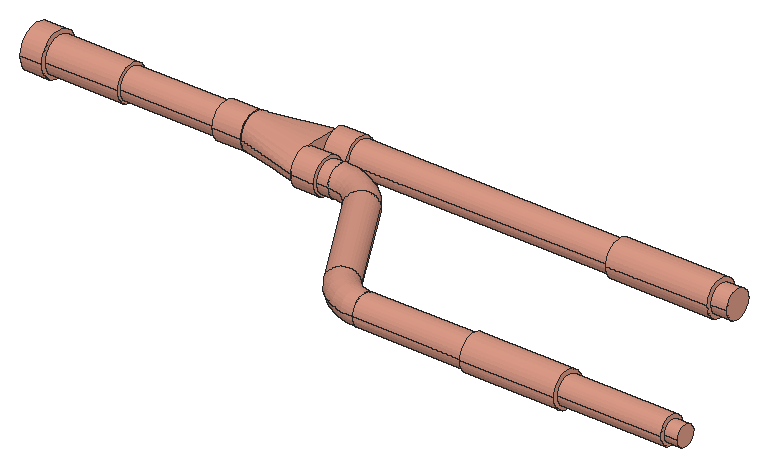
Revit family "outputfile", category 配管付属品, Revit 2024
Family settings
  丸型コネクタ寸法 = 半径を使用
  パーツ タイプ = 標準
  OmniClass 番号 = 23.65.55.00
  OmniClass タイトル = Distribution of Supplied Liquids/Gases
  作業面ベース = いいえ
  常に垂直 = はい
  ロード時にボイドで切り取り = いいえ
  共有 = いいえ
Parameters (values of type "BHRP25A72T")
  Description = ""
  製造元 = "Daikin"
  書き出し IFC クラス(タイプ) = "IfcPipeFittingType"
  定義済み IFC タイプ(タイプ) = "JUNCTION"
  Cost = 0
  Type Comments = ""
  Keynote = ""
  Type Image = (empty or 0)
  Assembly Code = ""
  mm⇔inch [instance] = yes
  l_InletPipe4 = 12.0 mm
  built-in parameter 1114242 [instance] = (empty or 0)
  Default Elevation = 0.0 mm
  モデル = "BHRP25A72T"
  table_StraightPipe [instance] = if(mm⇔inch, "Refnet Joint_BHRP25A-T_Liquid_StraightPipe", "Refnet Joint_BHRP25A-T_Liquid_StraightPipe_inch")  # "Refnet Joint_BHRP25A-T_Liquid_StraightPipe"
  table_BranchPipe [instance] = if(mm⇔inch, "Refnet Joint_BHRP25A-T_Liquid_BranchPipe", "Refnet Joint_BHRP25A-T_Liquid_BranchPipe_inch")  # "Refnet Joint_BHRP25A-T_Liquid_BranchPipe"
  table_Inlet [instance] = if(mm⇔inch, "Refnet Joint_BHRP25A-T_Liquid_Inlet", "Refnet Joint_BHRP25A-T_Liquid_Inlet_inch")  # "Refnet Joint_BHRP25A-T_Liquid_Inlet"
  switch_StraightPipe_Reducer [instance] = if(Is_StraightPipe Reducer = 1, 1 = 1, 1 = 0)  # no
  switch_StraightPipe3 [instance] = if(number_StraightPipe = 3, 1 = 1, 1 = 0)  # no
  switch_StraightPipe2 [instance] = if(number_StraightPipe < 2, 1 = 0, 1 = 1)  # yes
  switch_BranchPipe_Reducer [instance] = if(Is_BranchPipe Reducer = 1, 1 = 1, 1 = 0)  # no
  switch_BranchPipe3 [instance] = if(number_BranchPipe = 3, 1 = 1, 1 = 0)  # yes
  switch_BranchPipe2 [instance] = if(number_BranchPipe < 2, 1 = 0, 1 = 1)  # yes
  switch_Inlet pipe_Reducer [instance] = if(Is_Inlet Reducer = 1, 1 = 1, 1 = 0)  # no
  switch_Inlet pipe3 [instance] = if(number_InletPipe = 3, 1 = 1, 1 = 0)  # no
  switch_Inlet pipe2 [instance] = if(number_InletPipe < 2, 1 = 0, 1 = 1)  # yes
  Uniclass2015Version = "Products v1.31"
  Uniclass2015Title = "Copper pipe fittings"
  Uniclass2015Code = "Pr_65_52_63_18"
  URL = ""
  StraightPipe_Liquid_ActualDiameter [instance] = 9.5 mm
  Material_Piping = DAIKIN_Copper_Pipe
  Material_Insulation = DAIKIN_White_Insulation
  lw_Insulation [instance] = size_lookup(table_Inlet, "lw_Insulation", 26.0 mm, モデル)  # 52.3 mm
  Unit Type = "BHRP25A-T_Liquid"
  Tag No. [instance] = ""
  StraightPipe_Liquid_Status [instance] = size_lookup(table_StraightPipe, "Information", "The connected pipe size is not available.", モデル, StraightPipe_Liquid_ActualDiameter)  # "Default connector size is used."
  Link_Nested Family [instance] = ""
  Inlet_Liquid_Actual Diameter [instance] = 15.9 mm
  IfcVersion = ""
  IfcExportType = "JUNCTION"
  IfcExportAs = "IfcPipeFittingType"
  BranchPipe_Liquid_Status [instance] = size_lookup(table_BranchPipe, "Information", "The connected pipe size is not available.", モデル, BranchPipe_Liquid_ActualDiameter)  # "Default connector size is used."
  Inlet_Liquid_Status [instance] = size_lookup(table_Inlet, "Information", "The connected pipe size is not available.", モデル, Inlet_Liquid_Actual Diameter)  # "Default connector size is used."
  Series = "Refnet Joint"
  O.R_dividePipe_Inlet [instance] = (I.D_InletPipe1 + 2.0 mm) / 2  # 7.35 mm
  r_StraightPipe_Connector [instance] = StraightPipe_Liquid_ActualDiameter / 2  # 4.75 mm
  r_BranchPipe_Connector [instance] = BranchPipe_Liquid_ActualDiameter / 2  # 3.2 mm
  r_Inlet_Connector [instance] = Inlet_Liquid_Actual Diameter / 2  # 7.95 mm
  number_StraightPipe [instance] = size_lookup(table_StraightPipe, "pipeNumber", 2, モデル, StraightPipe_Liquid_ActualDiameter)  # 2
  number_BranchPipe [instance] = size_lookup(table_BranchPipe, "pipeNumber", 2, モデル, BranchPipe_Liquid_ActualDiameter)  # 3
  number_InletPipe [instance] = size_lookup(table_Inlet, "pipeNumber", 1, モデル, Inlet_Liquid_Actual Diameter)  # 2
  r_BranchPipeR [instance] = size_lookup(table_BranchPipe, "r_offsetPipeR", 18.0 mm, モデル, BranchPipe_Liquid_ActualDiameter)  # 20.0 mm
  l_BranchPipe_Straight2 [instance] = size_lookup(table_BranchPipe, "L_offsetPipe2", 25.5 mm, モデル)  # 46.0 mm
  l_BranchPipe_Straight1 [instance] = size_lookup(table_BranchPipe, "L_offsetPipe1", 5.0 mm, モデル)  # 5.0 mm
  l_BranchPipe connector [instance] = size_lookup(table_BranchPipe, "Length", 150.0 mm, モデル, BranchPipe_Liquid_ActualDiameter)  # 212.0 mm
  l_inlet connector [instance] = size_lookup(table_Inlet, "Length", 70.0 mm, モデル, Inlet_Liquid_Actual Diameter)  # 92.0 mm
  l_dividePipe [instance] = size_lookup(table_Inlet, "L_devidePipe", 30.0 mm, モデル)  # 28.0 mm
  l_StraightPipeReducer [instance] = size_lookup(table_StraightPipe, "L_Reducer", 80.0 mm, モデル, StraightPipe_Liquid_ActualDiameter)  # 80.0 mm
  l_StraightPipe3 [instance] = size_lookup(table_StraightPipe, "L_Pipe3", 2.0 mm, モデル)  # 2.0 mm
  l_StraightPipe2 [instance] = size_lookup(table_StraightPipe, "L_Pipe2", 6.0 mm, モデル)  # 7.0 mm
  l_StraightPipe1 [instance] = size_lookup(table_StraightPipe, "L_Pipe1", 44.0 mm, モデル)  # 43.0 mm
  l_StraightPipe0 [instance] = size_lookup(table_StraightPipe, "L_Pipe0", 130.0 mm, モデル)  # 110.0 mm
  l_StraightPipe connector [instance] = size_lookup(table_StraightPipe, "Length", 190.0 mm, モデル, StraightPipe_Liquid_ActualDiameter)  # 170.0 mm
  l_BranchPipe Reducer [instance] = size_lookup(table_BranchPipe, "L_Reducer", 50.0 mm, モデル, BranchPipe_Liquid_ActualDiameter)  # 50.0 mm
  l_BranchPipe3 [instance] = size_lookup(table_BranchPipe, "L_Pipe3", 2.0 mm, モデル)  # 6.0 mm
  l_BranchPipe2 [instance] = size_lookup(table_BranchPipe, "L_Pipe2", 6.0 mm, モデル)  # 44.0 mm
  l_BranchPipe1 [instance] = size_lookup(table_BranchPipe, "L_Pipe1", 44.0 mm, モデル)  # 40.0 mm
  l_BranchPipe0 [instance] = size_lookup(table_BranchPipe, "L_Pipe0", 90.0 mm, モデル)  # 112.0 mm
  l_InletReducer [instance] = size_lookup(table_Inlet, "L_Reducer", 80.0 mm, モデル, Inlet_Liquid_Actual Diameter)  # 80.0 mm
  l_InletPipe3 [instance] = size_lookup(table_Inlet, "L_Pipe3", 2.0 mm, モデル)  # 2.0 mm
  l_InletPipe2 [instance] = size_lookup(table_Inlet, "L_Pipe2", 2.0 mm, モデル)  # 9.0 mm
  l_InletPipe1 [instance] = size_lookup(table_Inlet, "L_Pipe1", 7.0 mm, モデル)  # 31.0 mm
  l_InletPipe0 [instance] = size_lookup(table_Inlet, "L_Pipe0", 53.0 mm, モデル)  # 40.0 mm
  center_StraightPipe [instance] = size_lookup(table_StraightPipe, "center_Pipe", 6.5 mm, モデル)  # 8.5 mm
  center_BranchPipe2 [instance] = size_lookup(table_BranchPipe, "center_OffsetPipe", 73.5 mm, モデル)  # 71.5 mm
  center_BranchPipe1 [instance] = size_lookup(table_BranchPipe, "center_Pipe", 6.5 mm, モデル)  # 8.5 mm
  StraightPipe_Liquid_AvailableDiameter [instance] = size_lookup(table_StraightPipe, "sizeVariation", "", モデル)  # "9.5/12.7/15.9mm"
  BranchPipe_Liquid_AvailableDiameter [instance] = size_lookup(table_BranchPipe, "sizeVariation", "", モデル)  # "6.4/9.5/12.7mm"
  Inlet_Liquid_Available Diameter [instance] = size_lookup(table_Inlet, "sizeVariation", "", モデル)  # "12.7/15.9/19.1mm"
  O.D_StraightPipe Reducer [instance] = size_lookup(table_StraightPipe, "O.D_reducer", 2.0 mm, モデル, StraightPipe_Liquid_ActualDiameter)  # 2.0 mm
  O.D_Offset Outlet Reducer [instance] = size_lookup(table_BranchPipe, "O.D_reducer", 2.0 mm, モデル, BranchPipe_Liquid_ActualDiameter)  # 2.0 mm
  O.D_Inlet Reducer [instance] = size_lookup(table_Inlet, "O.D_reducer", 2.0 mm, モデル, Inlet_Liquid_Actual Diameter)  # 2.0 mm
  Is_StraightPipe Reducer [instance] = size_lookup(table_StraightPipe, "IsReducer", 0, モデル, StraightPipe_Liquid_ActualDiameter)  # 0
  Is_BranchPipe Reducer [instance] = size_lookup(table_BranchPipe, "IsReducer", 0, モデル, BranchPipe_Liquid_ActualDiameter)  # 0
  Is_Inlet Reducer [instance] = size_lookup(table_Inlet, "IsReducer", 0, モデル, Inlet_Liquid_Actual Diameter)  # 0
  BranchPipe_Liquid_ActualDiameter [instance] = 6.4 mm
  Attach_Insulation [instance] = no
  I.D_StraightPipe3 [instance] = size_lookup(table_StraightPipe, "I.D_PipeSize3", 2.0 mm, モデル)  # 2.0 mm
  I.D_StraightPipe2 [instance] = size_lookup(table_StraightPipe, "I.D_PipeSize2", 6.4 mm, モデル)  # 9.5 mm
  I.D_StraightPipe1 [instance] = size_lookup(table_StraightPipe, "I.D_PipeSize1", 9.5 mm, モデル)  # 12.7 mm
  I.D_StraightPipe0 [instance] = size_lookup(table_StraightPipe, "I.D_PipeSize0", 7.5 mm, モデル)  # 10.7 mm
  I.D_BranchPipe3 [instance] = size_lookup(table_BranchPipe, "I.D_PipeSize3", 2.0 mm, モデル)  # 6.4 mm
  I.D_BranchPipe2 [instance] = size_lookup(table_BranchPipe, "I.D_PipeSize2", 6.4 mm, モデル)  # 9.5 mm
  I.D_BranchPipe1 [instance] = size_lookup(table_BranchPipe, "I.D_PipeSize1", 9.5 mm, モデル)  # 12.7 mm
  I.D_BranchPipe0 [instance] = size_lookup(table_BranchPipe, "I.D_PipeSize0", 7.5 mm, モデル)  # 10.7 mm
  I.D_Straight Reducer [instance] = size_lookup(table_StraightPipe, "I.D_reducer", 2.0 mm, モデル, StraightPipe_Liquid_ActualDiameter)  # 2.0 mm
  I.D_OutletPipe [instance] = size_lookup(table_Inlet, "I.D_OutletPipeSize", 9.6 mm, モデル, Inlet_Liquid_Actual Diameter)  # 12.8 mm
  I.D_Branch Reducer [instance] = size_lookup(table_BranchPipe, "I.D_reducer", 2.0 mm, モデル, BranchPipe_Liquid_ActualDiameter)  # 2.0 mm
  I.D_Inlet Reducer [instance] = size_lookup(table_Inlet, "I.D_reducer", 2.0 mm, モデル, Inlet_Liquid_Actual Diameter)  # 2.0 mm
  I.D_InletPipe3 [instance] = size_lookup(table_Inlet, "I.D_PipeSize3", 2.0 mm, モデル)  # 2.0 mm
  I.D_InletPipe2 [instance] = size_lookup(table_Inlet, "I.D_PipeSize2", 2.0 mm, モデル)  # 15.9 mm
  I.D_InletPipe1 [instance] = size_lookup(table_Inlet, "I.D_PipeSize1", 9.5 mm, モデル)  # 12.7 mm
  I.D_InletPipe0 [instance] = size_lookup(table_Inlet, "I.D_PipeSize0", 7.5 mm, モデル)  # 10.7 mm
Reference planes
  plane 1 "Center (Front/Back)": y = 0
  plane 2: z = 0
  plane 3 "base_left": x = 0
  plane 4: x = 2
  plane 5: x = 11
  plane 6: x = 42
  plane 7: x = 82
  plane 8: x = 94
  plane 9: x = 122
  plane 10: x = 132
  plane 11 "center_straight outlet": y = 8.5
  plane 12 "center2_offset outlet": y = -71.5
  plane 13 "center1_offset outlet": y = -8.5
  plane 14: x = 242
  plane 15: x = 285
  plane 16: x = 292
  plane 17: x = 244
  plane 18: x = 284
  plane 19: x = 328
  plane 20: x = 294
  plane 21: x = 334
  plane 22 "Reducer_straightoutlet": x = 334
  plane 23: x = 292
  plane 24: y = -15.85
  plane 25: z = 7.35
  plane 26 "Inlet_connector": x = 2
  plane 27 "Left_Insulation": x = 41.7
Forms (mm)
  SweptBlend 1, solid, material "DAIKIN_Copper_Pipe" <- "Material_Piping"
    path origin (0, 0, 0) x (1, 0, 0) y (0, 1, 0)
      loop
        line (94, 0) -> (122, 0)
    profile origin (94, 0, 0) x (0, 1, 0) y (0, 0, 1)
      loop
        circle (0, 0) r 7.35
    end profile origin (122, 0, 0) x (0, 1, 0) y (0, 0, 1)
      loop
        spline (-15.85, 0) -> (-15.31, -1.902) -> (-13.727, -3.675) -> (-11.208, -5.197) -> (-7.925, -6.365) -> (-4.102, -7.1) -> (0, -7.35) -> (4.102, -7.1) -> (7.925, -6.365) -> (11.208, -5.197) -> (13.727, -3.675) -> (15.31, -1.902) -> (15.85, 0)
        spline (15.85, 0) -> (15.31, 1.902) -> (13.727, 3.675) -> (11.208, 5.197) -> (7.925, 6.365) -> (4.102, 7.1) -> (0, 7.35) -> (-4.102, 7.1) -> (-7.925, 6.365) -> (-11.208, 5.197) -> (-13.727, 3.675) -> (-15.31, 1.902) -> (-15.85, 0)
Dimensions and locks
  "l_InletPipe3": plane 3 "base_left" to plane 4
  "l_InletPipe2": plane 4 to plane 5
  "l_InletPipe1": plane 5 to plane 6
  "l_InletPipe0": plane 6 to plane 7
  "l_InletPipe4": plane 7 to plane 8
  "center_StraightPipe": plane 1 "Center (Front/Back)" to plane 11 "center_straight outlet"
  "center_BranchPipe2": plane 12 "center2_offset outlet" to plane 1 "Center (Front/Back)"
  "center_BranchPipe1": plane 13 "center1_offset outlet" to plane 1 "Center (Front/Back)"
  "l_dividePipe": plane 8 to plane 9
  plane 9 to plane 10 = 10.0 mm
  "l_StraightPipe0": plane 10 to plane 14
  "l_BranchPipe0": plane 10 to plane 17
  "l_BranchPipe1": plane 17 to plane 18
  "l_BranchPipe2": plane 18 to plane 19
  "l_StraightPipe1": plane 14 to plane 15
  "l_StraightPipe2": plane 15 to plane 16
  "l_StraightPipe3": plane 16 to plane 20
  "l_BranchPipe3": plane 19 to plane 21
  "l_BranchPipe connector": plane 9 to plane 22 "Reducer_straightoutlet"
  "l_StraightPipe connector": plane 9 to plane 23
  "O.R_dividePipe_Inlet": plane 24 to plane 13 "center1_offset outlet"
  "O.R_dividePipe_Inlet": plane 25 to plane 2
  "l_inlet connector": plane 26 "Inlet_connector" to plane 8
  "lw_Insulation": plane 27 "Left_Insulation" to plane 8
  "O.R_dividePipe_Inlet": radius of SweptBlend 1 sketch curve
  aligned and locked: level to plane 2
  aligned and locked: plane 2 to nested 1
  aligned and locked: plane 3 "base_left" to nested 1
  aligned and locked: plane 1 "Center (Front/Back)" to nested 1
  aligned and locked: plane 4 to nested 2
  aligned and locked: plane 1 "Center (Front/Back)" to nested 2
  aligned and locked: plane 5 to nested 2
  aligned and locked: plane 5 to nested 3
  aligned and locked: plane 6 to nested 3
  aligned and locked: plane 6 to nested 4
  aligned and locked: nested 4 to plane 7
  aligned and locked: nested 5 to plane 7
  aligned and locked: nested 5 to plane 8
  aligned and locked: plane 8 to SweptBlend 1 sketch curve
  aligned and locked: plane 9 to SweptBlend 1 sketch curve
  aligned and locked: plane 2 to SweptBlend 1 sketch curve  (x2)
  aligned and locked: plane 1 "Center (Front/Back)" to SweptBlend 1 sketch curve  (x2)
  aligned and locked: nested 6 to plane 9
  aligned and locked: nested 7 to plane 9
  aligned and locked: nested 6 to plane 11 "center_straight outlet"
  aligned and locked: nested 7 to plane 13 "center1_offset outlet"
  aligned and locked: nested 7 to plane 10
  aligned and locked: nested 6 to plane 10
  aligned and locked: nested 8 to plane 10
  aligned and locked: plane 14 to nested 8
  aligned and locked: nested 8 to plane 11 "center_straight outlet"
  aligned and locked: plane 14 to nested 9
  aligned and locked: nested 9 to plane 11 "center_straight outlet"
  aligned and locked: plane 15 to nested 9
  aligned and locked: nested 10 to plane 11 "center_straight outlet"
  aligned and locked: plane 15 to nested 10
  aligned and locked: plane 16 to nested 10
  aligned and locked: nested 11 to plane 12 "center2_offset outlet"
  aligned and locked: plane 17 to nested 11
  aligned and locked: plane 18 to nested 11
  aligned and locked: nested 12 to plane 12 "center2_offset outlet"
  aligned and locked: plane 18 to nested 12
  aligned and locked: plane 19 to nested 12
  aligned and locked: nested 13 to plane 10
  aligned and locked: nested 13 to plane 13 "center1_offset outlet"
  aligned and locked: nested 13 to plane 12 "center2_offset outlet"
  aligned and locked: plane 8 to nested 14
  aligned and locked: plane 1 "Center (Front/Back)" to nested 14
  aligned and locked: plane 11 "center_straight outlet" to nested 15
  aligned and locked: nested 15 to plane 9
  aligned and locked: nested 16 to plane 9
  aligned and locked: plane 12 "center2_offset outlet" to nested 16
  aligned and locked: nested 17 to plane 1 "Center (Front/Back)"
  aligned and locked: plane 16 to nested 18
  aligned and locked: plane 20 to nested 18
  aligned and locked: plane 19 to nested 19
  aligned and locked: plane 21 to nested 19
  aligned and locked: nested 20 to plane 12 "center2_offset outlet"
  aligned and locked: plane 23 to nested 21
  aligned and locked: nested 21 to plane 11 "center_straight outlet"
  aligned and locked: plane 4 to nested 1
  aligned and locked: plane 24 to SweptBlend 1 sketch curve
  aligned and locked: plane 25 to SweptBlend 1 sketch curve
  aligned and locked: nested 19 to plane 12 "center2_offset outlet"
  aligned and locked: nested 18 to plane 11 "center_straight outlet"
  aligned and locked: nested 17 to plane 26 "Inlet_connector"
  aligned and locked: plane 22 "Reducer_straightoutlet" to nested 20
  aligned and locked: plane 27 "Left_Insulation" to nested 22
  aligned and locked: plane 1 "Center (Front/Back)" to nested 22
Automatic sketch dimensions
  plane 1 "Center (Front/Back)" to SweptBlend 1 sketch curve = 0.0 mm
Nested families
  nested 1: "daikin_Pipe" at (1, 0, 0), I.D_Pipe <- "I.D_InletPipe3", display <- "switch_Inlet pipe3", type "*"
    with length_Pipe 2.0 mm, display no, O.D_Pipe 4.0 mm, I.D_Pipe 2.0 mm
  nested 2: "daikin_Pipe" at (6.5, 0, 0), I.D_Pipe <- "I.D_InletPipe2", display <- "switch_Inlet pipe2", type "*"
    with length_Pipe 9.0 mm, display yes, O.D_Pipe 17.9 mm, I.D_Pipe 15.9 mm
  nested 3: "daikin_Pipe" at (26.5, 0, 0), I.D_Pipe <- "I.D_InletPipe1", type "*"
    with length_Pipe 31.0 mm, display yes, O.D_Pipe 14.7 mm, I.D_Pipe 12.7 mm
  nested 4: "daikin_Pipe" at (62, 0, 0), I.D_Pipe <- "I.D_InletPipe0", type "*"
    with length_Pipe 40.0 mm, display yes, O.D_Pipe 12.7 mm, I.D_Pipe 10.7 mm
  nested 5: "daikin_Pipe" at (88, 0, 0), I.D_Pipe <- "I.D_InletPipe1", type "*"
    with length_Pipe 12.0 mm, display yes, O.D_Pipe 14.7 mm, I.D_Pipe 12.7 mm
  nested 6: "daikin_Pipe" at (127, 8.5, 0), I.D_Pipe <- "I.D_OutletPipe", type "*"
    with length_Pipe 10.0 mm, display yes, O.D_Pipe 14.8 mm, I.D_Pipe 12.8 mm
  nested 7: "daikin_Pipe" at (127, -8.5, 0), I.D_Pipe <- "I.D_OutletPipe", type "*"
    with length_Pipe 10.0 mm, display yes, O.D_Pipe 14.8 mm, I.D_Pipe 12.8 mm
  nested 8: "daikin_Pipe" at (187, 8.5, 0), I.D_Pipe <- "I.D_StraightPipe0", type "*"
    with length_Pipe 110.0 mm, display yes, O.D_Pipe 12.7 mm, I.D_Pipe 10.7 mm
  nested 9: "daikin_Pipe" at (263.5, 8.5, 0), I.D_Pipe <- "I.D_StraightPipe1", type "*"
    with length_Pipe 43.0 mm, display yes, O.D_Pipe 14.7 mm, I.D_Pipe 12.7 mm
  nested 10: "daikin_Pipe" at (288.5, 8.5, 0), I.D_Pipe <- "I.D_StraightPipe2", display <- "switch_StraightPipe2", type "*"
    with length_Pipe 7.0 mm, display yes, O.D_Pipe 11.5 mm, I.D_Pipe 9.5 mm
  nested 11: "daikin_Pipe" at (264, -71.5, 0), I.D_Pipe <- "I.D_BranchPipe1", type "*"
    with length_Pipe 40.0 mm, display yes, O.D_Pipe 14.7 mm, I.D_Pipe 12.7 mm
  nested 12: "daikin_Pipe" at (306, -71.5, 0), I.D_Pipe <- "I.D_BranchPipe2", display <- "switch_BranchPipe2", type "*"
    with length_Pipe 44.0 mm, display yes, O.D_Pipe 11.5 mm, I.D_Pipe 9.5 mm
  nested 13: "daikin_Pipe Ofsset" at (132, -8.5, 0), I.D_Pipe size <- "I.D_BranchPipe0", length_straight pipe1 <- "l_BranchPipe_Straight1", length_straight pipe2 <- "l_BranchPipe_Straight2", r_Pipe R <- "r_BranchPipeR", length_Pipe <- "l_BranchPipe0", type "*"
    with r_Pipe R 20.0 mm, length_straight pipe2 46.0 mm, length_straight pipe1 5.0 mm, length_offset center 63.0 mm, length_Pipe 112.0 mm, O.D_Pipe size 12.7 mm, I.D_Pipe size 10.7 mm
  nested 14: "daikin_connector_rotate2" at (94, 0, 0) x (0, -1, 0) z (0, 0, 1), length <- "l_inlet connector", type "daikin_connector_rotate2"
    with radius 5.0 mm, length 92.0 mm, angle_vertical 90.00°, locaton_mark no
  nested 15: "daikin_connector_rotate2" at (122, 8.5, 0) x (0, 1, 0) z (0, 0, 1), length <- "l_StraightPipe connector", type "daikin_connector_rotate2"
    with radius 5.0 mm, length 170.0 mm, angle_vertical 90.00°, locaton_mark no
  nested 16: "daikin_connector_rotate2" at (122, -71.5, 0) x (0, 1, 0) z (0, 0, 1), length <- "l_BranchPipe connector", type "daikin_connector_rotate2"
    with radius 5.0 mm, length 212.0 mm, angle_vertical 90.00°, locaton_mark no
  nested 17: "daikin_Pipe_reducer" at (42, 0, 0) x (-1, 0, 0) z (0, 0, 1), display <- "switch_Inlet pipe_Reducer", length_Pipe <- "l_InletReducer", I.D_Pipe1 <- "I.D_Inlet Reducer", O.D_Pipe2 <- "O.D_Inlet Reducer", type "*"
    with length_Pipe 80.0 mm, display no, O.D_Pipe2 2.0 mm, O.D_Pipe1 4.0 mm, I.D_Pipe2 0.0 mm, I.D_Pipe1 2.0 mm
  nested 18: "daikin_Pipe" at (293, 8.5, 0), I.D_Pipe <- "I.D_StraightPipe3", display <- "switch_StraightPipe3", type "*"
    with length_Pipe 2.0 mm, display no, O.D_Pipe 4.0 mm, I.D_Pipe 2.0 mm
  nested 19: "daikin_Pipe" at (331, -71.5, 0), I.D_Pipe <- "I.D_BranchPipe3", display <- "switch_BranchPipe3", type "*"
    with length_Pipe 6.0 mm, display yes, O.D_Pipe 8.4 mm, I.D_Pipe 6.4 mm
  nested 20: "daikin_Pipe_reducer" at (309, -71.5, 0), I.D_Pipe1 <- "I.D_Branch Reducer", O.D_Pipe2 <- "O.D_Offset Outlet Reducer", length_Pipe <- "l_BranchPipe Reducer", display <- "switch_BranchPipe_Reducer", type "*"
    with length_Pipe 50.0 mm, display no, O.D_Pipe2 2.0 mm, O.D_Pipe1 4.0 mm, I.D_Pipe2 0.0 mm, I.D_Pipe1 2.0 mm
  nested 21: "daikin_Pipe_reducer" at (252, 8.5, 0), I.D_Pipe1 <- "I.D_Straight Reducer", O.D_Pipe2 <- "O.D_StraightPipe Reducer", length_Pipe <- "l_StraightPipeReducer", display <- "switch_StraightPipe_Reducer", type "*"
    with length_Pipe 80.0 mm, display no, O.D_Pipe2 2.0 mm, O.D_Pipe1 4.0 mm, I.D_Pipe2 0.0 mm, I.D_Pipe1 2.0 mm
  nested 22: "daikin_Insulation_RefnetJoint" at (41.7, 0, 0), I.D_Outlet PipeSize <- "I.D_OutletPipe", type "*"
    with h 44.8 mm, I.D_Outlet PipeSize 12.8 mm, d_Insulation3_3 66.6 mm, d_Insulation2_2 34.5 mm, d_Insulation1_1 23.8 mm, w_Insulation5 192.0 mm, w_Insulation4 67.3 mm, w_Insulation3 19.5 mm, w_Insulation2 56.6 mm, w_Insulation1 10.0 mm, display no, d_Insulation3 63.1 mm, d_Insulation2 35.0 mm, d_Insulation1 24.3 mm
Connectors
  piping at (2, 0, 0), diameter 15.9, driven by "r_Inlet_Connector"
    settings: on nested 14, index 1, connector inside diameter 609.6 mm, connector length 0.0 mm, flow factor 0, pipe flow 0.00 m³/h, pressure drop 0.0 Pa, fitting loss kfactor 0, connector angle 0.00°, fixture units 0, engagement length 0.0 mm, angle of deflection 0.00°, flow configuration 0, flow direction 1, fitting loss method 0, system type 29, joint type 0, gender type 0, connector reference index -1, connector utility 0, adjustable connector no, is connector primary yes, connector description "Refnet Joint_Inlet_Liquid"
  piping at (334, -71.5, 0), diameter 6.4, driven by "r_BranchPipe_Connector"
    settings: on nested 16, index 2, connector inside diameter 609.6 mm, connector length 0.0 mm, flow factor 0, pipe flow 0.00 m³/h, pressure drop 0.0 Pa, fitting loss kfactor 0, connector angle 0.00°, fixture units 0, engagement length 0.0 mm, angle of deflection 0.00°, flow configuration 0, flow direction 2, fitting loss method 0, system type 29, joint type 0, gender type 0, connector reference index -1, connector utility 0, adjustable connector no, is connector primary no, connector description "Refnet Joint_Outlet Branch_Liquid"
  piping at (292, 8.5, 0), diameter 9.5, driven by "r_StraightPipe_Connector"
    settings: on nested 15, index 3, connector inside diameter 609.6 mm, connector length 0.0 mm, flow factor 0, pipe flow 0.00 m³/h, pressure drop 0.0 Pa, fitting loss kfactor 0, connector angle 0.00°, fixture units 0, engagement length 0.0 mm, angle of deflection 0.00°, flow configuration 0, flow direction 2, fitting loss method 0, system type 29, joint type 0, gender type 0, connector reference index -1, connector utility 0, adjustable connector no, is connector primary no, connector description "Refnet Joint_Outlet Straight_Liquid"
Definition of nested family "daikin_Pipe"
  Parameters (values of type "*")
    Default Elevation = 0.0 mm
    material = none
    length_Pipe [instance] = 150.0 mm
    display [instance] = yes
    O.D_Pipe [instance] = I.D_Pipe + 2.0 mm  # 27.0 mm
    I.D_Pipe [instance] = 25.0 mm
  Reference planes
    plane 1 "Center (Front/Back)": y = 0
    plane 2 "center(vertical)": z = 0
    plane 3 "Center (Left/Right)": x = 0
    plane 4 "left": x = -75
    plane 5 "right": x = 75
  Forms (mm)
    Extrusion 1, solid, material <- "material", visible <- "display"
      sketch origin (0, 0, 0) x (0, 1, 0) y (0, 0, 1)
        loop
          circle (0, 0) r 13.5
      from -75 to 75
  Dimensions and locks
    equal spacing: plane 4 "left", plane 3 "Center (Left/Right)", plane 5 "right"
    "length_Pipe": plane 4 "left" to plane 5 "right"
    "O.D_Pipe": diameter of Extrusion 1 sketch curve
    aligned and locked: level to plane 2 "center(vertical)"
    aligned and locked: plane 2 "center(vertical)" to Extrusion 1 sketch curve
    aligned and locked: plane 1 "Center (Front/Back)" to Extrusion 1 sketch curve
    aligned and locked: plane 5 "right" to Extrusion 1
    aligned and locked: Extrusion 1 to plane 4 "left"
Definition of nested family "daikin_Pipe Ofsset"
  Parameters (values of type "*")
    Default Elevation = 0.0 mm
    r_Pipe R [instance] = 18.0 mm
    material = none
    length_straight pipe2 [instance] = 25.5 mm
    length_straight pipe1 [instance] = 5.0 mm
    length_offset center [instance] = 67.5 mm
    length_Pipe [instance] = 90.0 mm
    O.D_Pipe size [instance] = I.D_Pipe size + 2.0 mm  # 12.0 mm
    I.D_Pipe size [instance] = 10.0 mm
  Reference planes
    plane 1 "Center (Front/Back)": y = 0
    plane 2: z = 0
    plane 3 "Center (Left/Right)": x = 0
    plane 4: y = -67.5
    plane 5: x = 90
    plane 6: x = 64.5
    plane 7: x = 5
  Forms (mm)
    Sweep 1, solid, material <- "material"
      path origin (0, 0, 0) x (1, 0, 0) y (0, 1, 0)
        loop
          line (0, 0) -> (5, 0)
          arc (5, 0) -> (14.03, -2.429) -> (20.623, -9.061) r 18
          line (20.623, -9.061) -> (48.877, -58.439)
          arc (48.877, -58.439) -> (55.47, -65.071) -> (64.5, -67.5) r 18
          line (64.5, -67.5) -> (90, -67.5)
      profile origin (2.5, 0, 0) x (0, 1, 0) y (0, 0, 1)
        loop
          circle (0, 0) r 6
  Dimensions and locks
    "length_offset center": plane 4 to plane 1 "Center (Front/Back)"
    "length_straight pipe1": plane 3 "Center (Left/Right)" to plane 7
    "length_Pipe": plane 3 "Center (Left/Right)" to plane 5
    "length_straight pipe2": plane 6 to plane 5
    "O.D_Pipe size": diameter of Sweep 1 sketch curve
    "r_Pipe R": radius of Sweep 1 sketch curve  (x2)
    aligned and locked: level to plane 2
    aligned and locked: plane 1 "Center (Front/Back)" to Sweep 1 sketch curve
    aligned and locked: profile plane to Sweep 1 sketch curve
    aligned and locked: plane 5 to Sweep 1 sketch curve
    aligned and locked: plane 7 to Sweep 1 sketch curve
    aligned and locked: plane 6 to Sweep 1 sketch curve
  Automatic sketch dimensions
    plane 1 "Center (Front/Back)" to Sweep 1 sketch curve = 0.0 mm
    Sweep 1 sketch curve to plane 3 "Center (Left/Right)" = 0.0 mm
    plane 4 to Sweep 1 sketch curve = 0.0 mm
Definition of nested family "daikin_connector_rotate2"
  Parameters (values of type "daikin_connector_rotate2")
    show_face = no
    radius [instance] = 10.0 mm
    locaton_mark = yes
    length [instance] = 600.0 mm
    d_surface = 10.0 mm
    angle_vertical [instance] = 90.00°
    Default Elevation = 0.0 mm
  Reference planes
    plane 1 "Center (Front/Back)": y = 0
    plane 2: z = 0
    plane 3 "Center (Left/Right)": x = 0
  Forms (mm)
    Extrusion 1, solid, visible <- "show_face"
      sketch origin (0, -600, 0) x (1, 0, 0) y (0, 0, 1)
        loop
          circle (0, 0) r 10
      from 0 to -10
  Lines and regions (mm)
    reference lines
      curve 1: line (0, 0, 0) -> (0, -600, 0)
    symbolic lines, visible <- "locaton_mark"
      curve 2: circle (0, 0, 0) r 5 normal (0, 0, 1)
    model lines, visible <- "show_face"
      curve 3: line (0, 0, 0) -> (0, -600, 0)
  Dimensions and locks
    "length": curve 1 to curve 1
    "length": curve 3 to curve 3
    "d_surface": Extrusion 1 to Extrusion 1
    "radius": radius of Extrusion 1 sketch curve
    "angle_vertical": angle curve 1 to plane 1 "Center (Front/Back)"
    "angle_vertical": angle curve 3 to plane 1 "Center (Front/Back)"
    aligned and locked: level to plane 2
    aligned and locked: plane 1 "Center (Front/Back)" to curve 1
    aligned and locked: plane 2 to curve 1
    aligned and locked: plane 1 "Center (Front/Back)" to curve 2
    aligned and locked: plane 3 "Center (Left/Right)" to curve 2
    aligned and locked: plane 1 "Center (Front/Back)" to curve 3
    aligned and locked: plane 2 to curve 3
    aligned and locked: Extrusion 1 to Extrusion 1
  Automatic sketch dimensions
    Extrusion 1 sketch curve to level = 0.0 mm
    Extrusion 1 sketch curve to plane 3 "Center (Left/Right)" = 0.0 mm
    radius of curve 2 = 5.0 mm
Definition of nested family "daikin_Pipe_reducer"
  Parameters (values of type "*")
    Default Elevation = 0.0 mm
    material = none
    length_Pipe [instance] = 250.0 mm
    display [instance] = yes
    O.D_Pipe2 [instance] = 19.1 mm
    O.D_Pipe1 [instance] = I.D_Pipe1 + 2.0 mm  # 24.2 mm
    I.D_Pipe2 [instance] = O.D_Pipe2 - 2.0 mm  # 17.1 mm
    I.D_Pipe1 [instance] = 22.2 mm
  Reference planes
    plane 1 "Center (Front/Back)": y = 0
    plane 2 "center(vertical)": z = 0
    plane 3 "Center (Left/Right)": x = 0
    plane 4 "connection": x = -125
    plane 5 "right": x = 113
    plane 6: x = 125
  Forms (mm)
    Extrusion 1, solid, material <- "material", visible <- "display"
      sketch origin (0, 0, 0) x (0, 1, 0) y (0, 0, 1)
        loop
          circle (0, 0) r 9.55
      from -125 to 113
    Extrusion 2, solid, material <- "material", visible <- "display"
      sketch origin (0, 0, 0) x (0, 1, 0) y (0, 0, 1)
        loop
          circle (0, 0) r 12.1
      from 113 to 125
  Dimensions and locks
    locked: plane 5 "right" to plane 6 at 12
    "length_Pipe": plane 4 "connection" to plane 6
    equal spacing: plane 4 "connection", plane 3 "Center (Left/Right)", plane 6
    "O.D_Pipe2": diameter of Extrusion 1 sketch curve
    "O.D_Pipe1": diameter of Extrusion 2 sketch curve
    aligned and locked: level to plane 2 "center(vertical)"
    aligned and locked: plane 2 "center(vertical)" to Extrusion 1 sketch curve
    aligned and locked: plane 1 "Center (Front/Back)" to Extrusion 1 sketch curve
    aligned and locked: plane 5 "right" to Extrusion 1
    aligned and locked: Extrusion 1 to plane 4 "connection"
    aligned and locked: plane 2 "center(vertical)" to Extrusion 2 sketch curve
    aligned and locked: plane 1 "Center (Front/Back)" to Extrusion 2 sketch curve
    aligned and locked: Extrusion 2 to plane 5 "right"
    aligned and locked: plane 6 to Extrusion 2
Definition of nested family "daikin_Insulation_RefnetJoint"
  Parameters (values of type "*")
    d_Insulation3_3 = size_lookup(table_Insulation, "d_Insulation3_3", 131.5 mm, Model)  # 64.0 mm
    d_Insulation2_2 = size_lookup(table_Insulation, "d_Insulation2_2", 79.0 mm, Model)  # 30.0 mm
    d_Insulation1_1 = size_lookup(table_Insulation, "d_Insulation1_1", 56.0 mm, Model)  # 22.0 mm
    Default Elevation = 0.0 mm
    Model = "BHRP25A22T"
    w_Insulation5 = size_lookup(table_Insulation, "w_Insulation5", 212.0 mm, Model)  # 153.0 mm
    w_Insulation4 = size_lookup(table_Insulation, "w_Insulation4", 67.0 mm, Model)  # 48.6 mm
    w_Insulation3 = size_lookup(table_Insulation, "w_Insulation3", 34.7 mm, Model)  # 31.7 mm
    w_Insulation2 = size_lookup(table_Insulation, "w_Insulation2", 80.0 mm, Model)  # 35.4 mm
    w_Insulation1 = size_lookup(table_Insulation, "w_Insulation1", 22.0 mm, Model)  # 1.0 mm
    table_Insulation = "Refnet Joint_BHRP25A-T_Liquid_Insulation"  # constant formula
    material = none
    h [instance] = (I.D_Outlet PipeSize + 2.0 mm) + 30.0 mm  # 47.0 mm
    display = yes
    d_Insulation3 = size_lookup(table_Insulation, "d_Insulation3", 131.5 mm, Model)  # 63.0 mm
    d_Insulation2 = size_lookup(table_Insulation, "d_Insulation2", 79.0 mm, Model)  # 32.0 mm
    d_Insulation1 = size_lookup(table_Insulation, "d_Insulation1", 56.0 mm, Model)  # 24.0 mm
    I.D_Outlet PipeSize [instance] = 15.0 mm
  Reference planes
    plane 1 "Center (Front/Back)": y = 0
    plane 2: z = 0
    plane 3 "Left": x = 0
    plane 4 "top": z = 23.5
    plane 5 "bottom": z = -23.5
    plane 6: x = 1
    plane 7: x = 35.4
    plane 8: y = 22
    plane 9: y = -24
    plane 10: y = 30
    plane 11: y = -32
    plane 12: y = -97
    plane 13: x = 153
    plane 14: y = -34
    plane 15: x = 67.1
    plane 16: x = 104.4
  Forms (mm)
    Extrusion 1, solid, material <- "material", visible <- "display"
      sketch origin (-21, 0, 0) x (1, 0, 0) y (0, 1, 0)
        loop
          line (22, 22) -> (21, 22) -> (21, -24) -> (22, -24) -> (56.4, -32) -> (88.1, -32) -> (125.4, -97) -> (174, -97) -> (174, -51) -> (164.5, -51)
          arc (164.5, -51) -> (147.5, -34) -> (164.5, -17) r 17
          line (164.5, -17) -> (174, -17) -> (174, 30) -> (56.4, 30) -> (22, 22)
      from -23.5 to 23.5
  Dimensions and locks
    equal spacing: plane 4 "top", plane 2, plane 5 "bottom"
    "h": plane 4 "top" to plane 5 "bottom"
    "w_Insulation1": plane 3 "Left" to plane 6
    "w_Insulation2": plane 3 "Left" to plane 7
    "w_Insulation5": plane 3 "Left" to plane 13
    "w_Insulation3": plane 7 to plane 15
    "w_Insulation4": plane 16 to plane 13
    "d_Insulation1": plane 1 "Center (Front/Back)" to plane 9
    "d_Insulation1_1": plane 8 to plane 1 "Center (Front/Back)"
    "d_Insulation2": plane 1 "Center (Front/Back)" to plane 11
    "d_Insulation2_2": plane 10 to plane 1 "Center (Front/Back)"
    "d_Insulation3_3": plane 10 to plane 14
    "d_Insulation3": plane 14 to plane 12
    Extrusion 1 sketch curve to plane 14 to Extrusion 1 sketch curve = 17.0 mm locked, 17.0 mm locked
    aligned and locked: level to plane 2
    aligned and locked: Extrusion 1 to plane 5 "bottom"
    aligned and locked: plane 4 "top" to Extrusion 1
    aligned and locked: plane 6 to Extrusion 1  (x2)
    aligned and locked: plane 7 to Extrusion 1  (x2)
    aligned and locked: plane 6 to Extrusion 1 sketch curve
    aligned and locked: Extrusion 1 sketch curve to plane 11
    aligned and locked: plane 7 to Extrusion 1 sketch curve  (x2)
    aligned and locked: Extrusion 1 sketch curve to plane 10
    aligned and locked: Extrusion 1 sketch curve to plane 12
    aligned and locked: Extrusion 1 sketch curve to plane 13  (x2)
    aligned and locked: plane 16 to Extrusion 1 sketch curve
    aligned and locked: plane 15 to Extrusion 1 sketch curve
  Automatic sketch dimensions
    Extrusion 1 sketch curve to plane 3 "Left" = 0.0 mm
    Extrusion 1 sketch curve to plane 6 = 0.0 mm
    Extrusion 1 sketch curve to plane 9 = 0.0 mm
    Extrusion 1 sketch curve to plane 8 = 0.0 mm
    Extrusion 1 sketch curve to plane 13 = 9.5 mm
